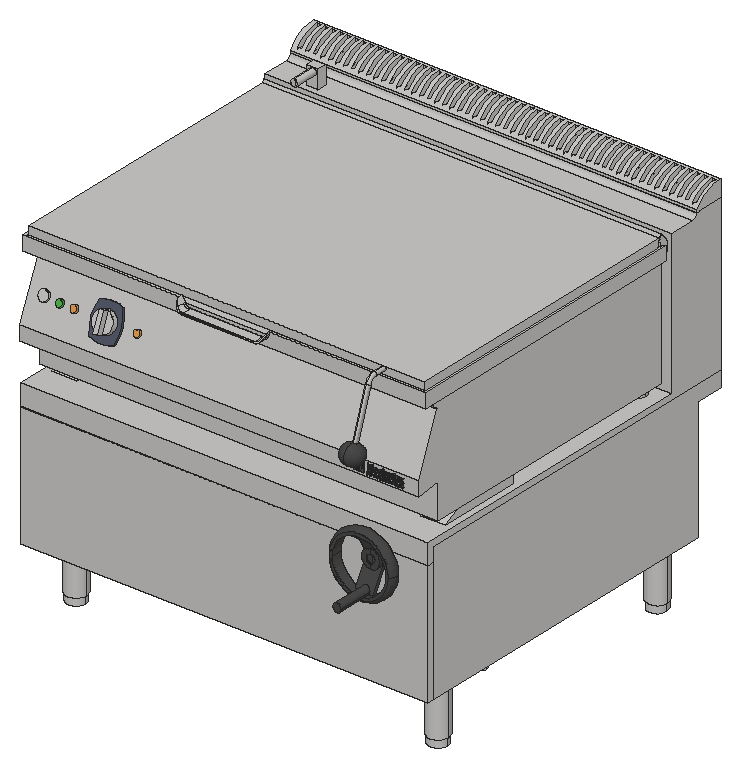
Revit family "QF_ELECTROLUXPROFESSIONAL_391594_E9PPCTBAMGI", category Attrezzature speciali, Revit 2018
Family settings
  Quota connettore circolare = Usa diametro
  Tipo di parte = Normale
  Basato su piano di lavoro = No
  Sempre verticale = Sì
  Taglio con vuoti quando caricato = No
  Condiviso = No
  Punto di calcolo locali = No
Parameters (values of type "Standard")
  Weight = 180.00 kg
  Watts = 100 W
  Volts = 220 V
  URL Manufacturer = "https://www.electroluxprofessional.com/"
  URL = "https://www.electroluxprofessional.com/"
  Steam Supply Size = 0"
  Steam Supply Minimum Pressure = 0.00 psi
  Steam Supply Maximum Pressure = 0.00 psi
  Steam Consumption per Hour = 0
  Show Logo [instance] = yes
  Show Clearance [instance] = yes
  Refrigeration Suction Line Size = 0 mm
  Refrigeration Liquid Line Size = 0 mm
  Refrigerant Compressor Remote = yes
  Phase = 1
  Modello = "E9PPCTBAMGI"
  Produttore = "Electrolux Professional"
  Length Actual = 1000 mm  # constant formula
  Item Number = "391594"
  Hot Water Size = 0"
  Height Actual = 850 mm  # constant formula
  HP = "0.1 HP"
  Gas Size = 1/2"
  Gas KW = 27
  Gas Input Pressure = 0.903445 Btu/h
  Direct Waste Size = 0"
  Descrizione = "100LT GAS BRATT PAN DUOMAT BOTTOM-60HZ - QMARK"
  Depth Actual = 930 mm  # constant formula
  Cycle = 60 Hz
  Condensate Return Size = 0"
  Compressed Air Volume = 0 GPM
  Compressed Air Size = 0"
  Compressed Air Pressure = 0.00 psi
  Cold Water Size = 3/4"
  Assembly Code = ""
  Accessory = yes
Reference planes
  plane 1 "BACK": y = 0
  plane 2: z = 0
  plane 3 "LEFT": x = 0
  plane 4 "RIGHT": x = 1000
  plane 5 "FRONT": y = -915
  plane 6 "TOP": z = 908
  plane 7 "Center Y": x = 500
  plane 8 "Center X": y = -457.5
  plane 9 "Base": z = 149
  plane 10: z = 502.193
  plane 11: z = 1653
  plane 12: y = -125
  plane 13: y = -799
  plane 14: y = -1034
  plane 15: x = 55
  plane 16: y = -160.853
  plane 17: x = 945
  plane 18: y = -1014
  plane 19: y = -899.182
  plane 20: x = 986
  plane 21: z = 850
  plane 22 "Connection": z = 182
  plane 23: y = -706
  plane 24: x = 265
  plane 25: x = 105
  plane 26: x = 195
  plane 27 "FUME": z = 866.248
Forms (mm)
  Revolve 1, solid, material "QF_Finishes_Stainless Steel"
    sketch origin (0, -125, 0) x (1, 0, 0) y (0, 0, 1)
      loop
        line (55, 0) -> (55, 149) -> (29.6, 149) -> (29.6, 19.05) -> (32.1, 19.05) -> (32.1, 0) -> (55, 0)
      axis (55, 0) -> (55, 149)
    angle from 0 to 360
  Revolve 2, solid, material "QF_Finishes_Stainless Steel"
    sketch origin (0, -799, 0) x (1, 0, 0) y (0, 0, 1)
      loop
        line (55, 0) -> (55, 149) -> (29.6, 149) -> (29.6, 19.05) -> (32.1, 19.05) -> (32.1, 0) -> (55, 0)
      axis (55, 0) -> (55, 149)
    angle from 0 to 360
  Extrusion 3, solid, material "QF_Finishes_Stainless Steel"
    sketch origin (0, -214.682, 0) x (0, 1, 0) y (0, 0, 1)
      loop
        line (214.682, 487.193) -> (214.682, 866.248) -> (143.055, 866.248)
        arc (143.055, 866.248) -> (139.432, 857.502) -> (130.686, 853.88) r 12.368
        line (130.686, 853.88) -> (64.682, 853.88) -> (64.682, 502.193) -> (-684.5, 502.193) -> (-684.5, 452.193) -> (-669.5, 452.193) -> (-669.5, 487.193) -> (214.682, 487.193)
      loop
        line (-669.5, 149) -> (-669.5, 451.193) -> (-684.5, 451.193) -> (-684.5, 149) -> (-669.5, 149)
    from 0 to 1000
  Extrusion 4, solid, material "QF_Finishes_Stainless Steel"
    sketch origin (0, -214.682, 0) x (0, 1, 0) y (0, 0, 1)
      loop
        line (44.029, 528.406) -> (44.029, 817.127) -> (-678.5, 817.127) -> (-678.5, 809.681) -> (-643.264, 774.446) -> (-700.318, 641.094) -> (-700.318, 606.094) -> (-640.765, 613.406) -> (-640.765, 528.406) -> (44.029, 528.406)
    from 10 to 990
  Sweep 5, solid, material "QF_Finishes_Stainless Steel"
    path origin (0, -204.882, 145) x (-1, 0, 0) y (0, -1, 0)
      loop
        line (-389.998, 694.3) -> (-5, 694.3) -> (-5, -44.029) -> (-995, -44.029) -> (-995, 694.3) -> (-610.002, 694.3)
    profile origin (802.501, -899.182, 145) x (0, -1, 0) y (0, 0, 1)
      loop
        line (-5, 651.359) -> (0, 651.359) -> (0, 685.301) -> (-6, 685.301) -> (-6, 681.062) -> (-5, 681.062) -> (-5, 651.359)
  Extrusion 6, solid, material "QF_Finishes_Stainless Steel"
    sketch origin (0, -214.682, -5) x (0, 1, 0) y (0, 0, 1)
      loop
        line (33.715, 835.301) -> (42.572, 855) -> (-677.138, 855) -> (-677.138, 835.301) -> (33.715, 835.301)
      loop
        arc (64.305, 837.022) -> (57.071, 850.749) -> (45.92, 861.539) r 49.182
        line (45.92, 861.539) -> (39.069, 846.301) -> (45.904, 846.301) -> (45.904, 832.604) -> (64.305, 814.204) -> (64.305, 837.022)
    from 12.363 to 987.637
  Extrusion 7, solid, material "QF_Finishes_Stainless Steel"
    sketch origin (0, -214.682, 0) x (0, 1, 0) y (0, 0, 1)
      loop
        line (-403.818, 528.406) -> (-556.057, 528.406) -> (-609.801, 502.193) -> (-403.818, 502.193) -> (-403.818, 528.406)
    from 16.63 to 76.513
  Extrusion 8, solid, material "QF_Finishes_Stainless Steel"
    sketch origin (0, -207.182, 150) x (-1, 0, 0) y (0, -1, 0)
      loop
        circle (-953.429, -17.496) r 15
      loop
        circle (-46.571, -17.496) r 15
    from 352.193 to 378.406
  Extrusion 9, solid, material "QF_Finishes_Stainless Steel"
    sketch origin (0, -64.682, 0) x (0, 1, 0) y (0, 0, 1)
      loop
        line (-43.387, 853.88) -> (-43.387, 898) -> (-67.444, 898) -> (-67.444, 853.88) -> (-43.387, 853.88)
    from 87.469 to 116.843
  Revolve 10, solid, material "QF_Finishes_Stainless Steel"
    sketch origin (103.25, -64.682, -10) x (0, 1, 0) y (0, 0, 1)
      loop
        line (-67.444, 898.097) -> (-67.444, 906.222) -> (-123.629, 906.222) -> (-123.629, 898.097) -> (-67.444, 898.097)
      axis (-123.629, 898.097) -> (-67.444, 898.097)
    angle from 0 to 360
  Extrusion 11, solid, material "QF_Clearances", visible <- "Show Clearance", detail levels coarse
    sketch origin (0, -214.682, 0) x (1, 0, 0) y (0, 1, 0)
      loop
        line (1000, 214.682) -> (1000, -700.318) -> (1050, -700.318) -> (1050, 264.682) -> (-50, 264.682) -> (-50, -700.318) -> (0, -700.318) -> (0, 214.682) -> (1000, 214.682)
    from 0 to 908
  Extrusion 12, solid, material "QF_Finishes_Stainless Steel"
    sketch origin (1000, 0, 0) x (0, 1, 0) y (0, 0, 1)
      loop
        line (-884.182, 149) -> (-69, 149) -> (-69, 448) -> (0, 448) -> (0, 487.193) -> (-884.182, 487.193) -> (-884.182, 149)
    from 0 to -1000
  Revolve 13, solid, material "QF_Finishes_Stainless Steel"
    sketch origin (1000, -125, 0) x (-1, 0, 0) y (0, 0, -1)
      loop
        line (55, 0) -> (32.1, 0) -> (32.1, -19.05) -> (29.6, -19.05) -> (29.6, -149) -> (55, -149) -> (55, 0)
      axis (55, 0) -> (55, -149)
    angle from 0 to 360
  Revolve 14, solid, material "QF_Finishes_Stainless Steel"
    sketch origin (1000, -799, 0) x (-1, 0, 0) y (0, 0, -1)
      loop
        line (55, 0) -> (32.1, 0) -> (32.1, -19.05) -> (29.6, -19.05) -> (29.6, -149) -> (55, -149) -> (55, 0)
      axis (55, 0) -> (55, -149)
    angle from 0 to 360
  Extrusion 15, solid, material "QF_Finishes_Stainless Steel"
    sketch origin (1000, -69, 149) x (-1, 0, 0) y (0, 1, 0)
      loop
        circle (14, -649.182) r 12.7
    from 0 to 5
  Extrusion 16, solid, material "QF_Finishes_Stainless Steel"
    sketch origin (-3.75, -899.182, 149) x (0, 0, 1) y (-1, 0, 0)
      loop
        circle (289.443, -888.75) r 30
    from 0 to 5
  Extrusion 17, solid, material "QF_Finishes_Stainless Steel"
    sketch origin (0, 0, 182) x (-1, 0, 0) y (0, -1, 0)
      loop
        circle (-105, 706) r 6.35
    from 0 to 45
  Extrusion 18, solid, material "QF_Finishes_Stainless Steel"
    sketch origin (21.213, 21.213, 182) x (-1, 0, 0) y (0, -1, 0)
      loop
        circle (-173.787, 719.213) r 6.35
    from 0 to 45
  Extrusion 19, solid, material "QF_Finishes_Stainless Steel"
    sketch origin (130, 0, 182) x (-1, 0, 0) y (0, -1, 0)
      loop
        circle (-135, 706) r 6.35
    from 0 to 45
  Sweep 20, solid, material "QF_Finishes_Black"
    path origin (10, -200.682, -28.57) x (1, 0, 0) y (0, 0, 1)
      loop
        circle (875, 467.193) r 80
    profile origin (885, -200.682, 518.623) x (0, 0, -1) y (0, -1, 0)
      loop
        arc (7.394, 765.784) -> (0.586, 756.102) -> (1.641, 744.313) r 17.21
        line (1.641, 744.313) -> (7.394, 740.784) -> (14.116, 740.784) -> (14.116, 765.784) -> (7.394, 765.784)
  Extrusion 21, solid, material "QF_Finishes_Black"
    sketch origin (10, -200.682, -28.57) x (1, 0, 0) y (0, 0, 1)
      loop
        circle (875, 406.31) r 10
    from 742.86 to 833.318
  Extrusion 22, solid, material "QF_Finishes_Orange"
    sketch origin (9.372, -901.482, 672.689) x (0, 0.393353, 0.919387) y (-1, 0, 0)
      loop
        circle (34.513, -113.251) r 8
    from 0 to 3.175
  Extrusion 23, solid, material "QF_Finishes_Green"
    sketch origin (14.068, -901.51, 672.624) x (0, 0.393353, 0.919387) y (-1, 0, 0)
      loop
        circle (34.513, -73.251) r 8
    from 0 to 3.175
  Extrusion 24, solid, material "QF_Finishes_Stainless Steel"
    sketch origin (-159.296, -918.156, 641.79) x (0, 0.393353, 0.919387) y (-1, 0, 0)
      loop
        circle (68.826, -362.213) r 25.4
    from 0 to 12.7
  Extrusion 25, solid, material "QF_Finishes_Stainless Steel"
    sketch origin (-159.296, -929.832, 646.786) x (0, 0.393353, 0.919387) y (-1, 0, 0)
      loop
        arc (93.558, -367.999) -> (94.226, -362.213) -> (93.558, -356.427) r 25.4
        line (93.558, -356.427) -> (44.094, -356.427)
        arc (44.094, -356.427) -> (43.426, -362.213) -> (44.094, -367.999) r 25.4
        line (44.094, -367.999) -> (93.558, -367.999)
    from 0 to 12.7
  Extrusion 26, solid, material "QF_Finishes_Stainless Steel"
    sketch origin (-189.063, -915, 641.094) x (0, 0.393353, 0.919387) y (-1, 0, 0)
      loop
        circle (71.473, -236.635) r 12.7
    from 0 to 3.2
  Extrusion 27, solid, material "QF_Finishes_Orange"
    sketch origin (164.372, -901.482, 672.689) x (0, 0.393353, 0.919387) y (-1, 0, 0)
      loop
        circle (34.513, -113.251) r 8
    from 0 to 3.175
  Extrusion 28, solid, material "QF_Finishes_Stainless Steel"
    sketch origin (50, -201.682, -15.905) x (1, 0, 0) y (0, 0, 1)
      loop
        line (361.528, 822.127) -> (538.476, 822.127)
        arc (538.476, 822.127) -> (548.276, 824.753) -> (555.45, 831.927) r 19.6
        line (555.45, 831.927) -> (559.998, 839.805) -> (559.998, 846.205) -> (552.678, 833.527)
        arc (552.678, 833.527) -> (546.676, 827.524) -> (538.476, 825.327) r 16.4
        line (538.476, 825.327) -> (361.528, 825.327)
        arc (361.528, 825.327) -> (353.322, 827.526) -> (347.314, 833.534) r 16.413
        line (347.314, 833.534) -> (339.998, 846.205) -> (339.998, 839.805) -> (344.543, 831.934)
        arc (344.543, 831.934) -> (351.722, 824.755) -> (361.528, 822.127) r 19.613
    from 697.5 to 717.595
  Extrusion 29, void
    sketch origin (950, 188.397, 1219.2) x (0, -1, 0) y (0, 0, 1)
      loop
        line (1110.167, -415.736) -> (1110.167, -387.945) -> (1093.05, -387.945) -> (1110.167, -415.736)
    from 290.004 to 610
  Extrusion 30, solid, material "QF_Finishes_Stainless Steel"
    sketch origin (1000, -214.682, 0) x (0, 1, 0) y (0, 0, -1)
      loop
        line (-403.818, -528.406) -> (-403.818, -502.193) -> (-609.801, -502.193) -> (-556.057, -528.406) -> (-403.818, -528.406)
    from 16.63 to 76.513
  Sweep 31, solid, material "QF_Finishes_Stainless Steel"
    path origin (208.879, -214.682, -10) x (0, 1, 0) y (0, 0, 1)
      loop
        line (-677.138, 852.831) -> (-705.492, 852.831)
        arc (-705.492, 852.831) -> (-716.963, 849.214) -> (-724.286, 839.672) r 20
        line (-724.286, 839.672) -> (-765.322, 726.924)
    profile origin (208.879, -905.997, 842.831) x (0, 0, -1) y (1, 0, 0)
      loop
        circle (0, 676.16) r 5
  Revolve 32, solid, material "QF_Finishes_Black"
    sketch origin (883.789, -200.682, -28.57) x (0, 1, 0) y (0, 0, 1)
      loop
        line (-698.5, 467.193) -> (-698.5, 477.193) -> (-713.5, 477.193) -> (-713.5, 482.193) -> (-718.5, 482.193) -> (-718.5, 489.514) -> (-728.5, 489.514) -> (-728.5, 478.353) -> (-727.138, 478.353) -> (-727.138, 467.193) -> (-698.5, 467.193)
      axis (-698.5, 467.193) -> (-728.5, 467.193)
    angle from 0 to 360
  Extrusion 33, solid, material "QF_Finishes_Black"
    sketch origin (208.789, -200.682, -28.57) x (0, 1, 0) y (0, 0, 1)
      loop
        line (-713.5, 457.193) -> (-713.5, 477.193) -> (-744.313, 533.065) -> (-751.622, 533.065) -> (-719.104, 474.103) -> (-719.104, 460.284) -> (-751.622, 401.321) -> (-744.313, 401.321) -> (-713.5, 457.193)
    from 654.029 to 698.392
  Revolve 34, solid, material "QF_Finishes_Black"
    sketch origin (884.991, -194.682, 0) x (0, 1, 0) y (0, 0, 1)
      loop
        line (-785.322, 716.924) -> (-792.738, 719.623)
        arc (-792.738, 719.623) -> (-818.978, 701.075) -> (-800.713, 674.638) r 22.845
        line (-800.713, 674.638) -> (-785.322, 716.924)
      axis (-785.322, 716.924) -> (-800.713, 674.638)
    angle from 0 to 360
  Extrusion 35, solid, material "QF_Clearances", visible <- "Show Clearance", detail levels coarse
    sketch origin (200, -996.643, 709.193) x (0, 0.238373, -0.971174) y (0, 0.971174, 0.238373)
      loop
        line (33.715, 835.301) -> (42.572, 855) -> (-677.138, 855) -> (-677.138, 835.301) -> (33.715, 835.301)
      loop
        arc (64.305, 837.022) -> (57.071, 850.749) -> (45.92, 861.539) r 49.182
        line (45.92, 861.539) -> (39.069, 846.301) -> (45.904, 846.301) -> (45.904, 832.604) -> (64.305, 814.204) -> (64.305, 837.022)
    from -187.637 to 787.637
  Sweep 36, solid, material "QF_Clearances", visible <- "Show Clearance", detail levels coarse
    path origin (208.84, -1001.499, 708.002) x (0, 0.238373, -0.971174) y (0, 0.971174, 0.238373)
      loop
        line (-677.138, 852.831) -> (-705.492, 852.831)
        arc (-705.492, 852.831) -> (-716.963, 849.214) -> (-724.286, 839.672) r 20
        line (-724.286, 839.672) -> (-765.322, 726.924)
    profile origin (208.84, -338.043, 1582.68) x (0, -0.971174, -0.238373) y (1, 0, 0)
      loop
        circle (0, 676.16) r 5
  Revolve 37, solid, material "QF_Clearances", visible <- "Show Clearance", detail levels coarse
    sketch origin (885, -987.02, 690.962) x (0, 0.238373, -0.971174) y (0, 0.971174, 0.238373)
      loop
        line (-785.322, 716.924) -> (-792.738, 719.623)
        arc (-792.738, 719.623) -> (-818.978, 701.075) -> (-800.713, 674.638) r 22.845
        line (-800.713, 674.638) -> (-785.322, 716.924)
      axis (-785.322, 716.924) -> (-800.713, 674.638)
    angle from 0 to 360
  Extrusion 38, solid, material "QF_Finishes_Navy Blue"
    sketch origin (-55.546, -1052.067, 320.727) x (0, 0.393353, 0.919387) y (-1, 0, 0)
      loop
        arc (453.989, -230.321) -> (416.907, -221.34) -> (379.375, -228.202) r 91.844
        arc (379.375, -228.202) -> (372.249, -258.844) -> (379.375, -289.487) r 69.441
        arc (379.375, -289.487) -> (416.897, -296.198) -> (453.989, -287.419) r 93.759
        arc (453.989, -287.419) -> (460.218, -258.87) -> (453.989, -230.321) r 68.543
    from 0 to 3.175
  Extrusion 39, solid, material "QF_Finishes_Navy Blue", visible <- "Show Logo"
    sketch origin (681.175, -915, 608.853) x (0, 0, 1) y (-1, 0, 0)
      loop
        line (26.951, -165.54) -> (5.387, -165.54)
        arc (5.387, -165.54) -> (16.169, -173.512) -> (26.951, -165.54) r 11.278
      loop
        arc (26.951, -164.444) -> (24.913, -155.475) -> (16.794, -151.154) r 11.052
        line (16.794, -151.154) -> (16.794, -154.722)
        arc (16.794, -154.722) -> (19.381, -161.095) -> (25.39, -164.444) r 10.359
        line (25.39, -164.444) -> (26.951, -164.444)
      loop
        arc (6.948, -164.444) -> (12.957, -161.095) -> (15.544, -154.722) r 10.359
        line (15.544, -154.722) -> (15.544, -151.154)
        arc (15.544, -151.154) -> (7.358, -155.468) -> (5.11, -164.444) r 11.341
        line (5.11, -164.444) -> (6.948, -164.444)
      loop
        line (28.128, -150.336) -> (4.161, -150.336) -> (4.161, -174.336) -> (28.128, -174.336) -> (28.128, -150.336)
      loop
        spline (16.361, -188.464) -> (16.369, -188.263) -> (16.397, -188.049) -> (16.447, -187.828) -> (16.523, -187.605) -> (16.628, -187.386) -> (16.766, -187.177) -> (16.939, -186.985) -> (17.152, -186.814) -> (17.407, -186.671) -> (17.709, -186.562) -> (18.059, -186.492) -> (18.462, -186.467)
        line (18.462, -186.467) -> (20.251, -186.467) -> (20.251, -192.37) -> (22.531, -192.37) -> (22.531, -186.466) -> (25.85, -186.466) -> (25.85, -192.746) -> (28.124, -192.746) -> (28.124, -184.05) -> (18.566, -184.05)
        spline (18.566, -184.05) -> (17.978, -184.071) -> (17.424, -184.137) -> (16.905, -184.248) -> (16.424, -184.406) -> (15.983, -184.612) -> (15.583, -184.866) -> (15.226, -185.171) -> (14.914, -185.528) -> (14.649, -185.937) -> (14.434, -186.401) -> (14.269, -186.919) -> (14.157, -187.495)
        line (14.157, -187.495) -> (14.089, -188.444) -> (14.089, -192.915) -> (16.361, -192.915) -> (16.361, -188.464)
      loop
        line (21.492, -194.632) -> (14.086, -194.632) -> (14.086, -197.049) -> (28.128, -197.049) -> (28.128, -194.632) -> (21.492, -194.632)
      loop
        spline (18.571, -208.979) -> (19.331, -208.995) -> (20.067, -208.922) -> (20.77, -208.763) -> (21.436, -208.522) -> (22.055, -208.2) -> (22.623, -207.802) -> (23.132, -207.331) -> (23.576, -206.789) -> (23.947, -206.18) -> (24.24, -205.507) -> (24.447, -204.772) -> (24.561, -203.98)
        spline (24.561, -203.98) -> (24.517, -203.228) -> (24.388, -202.513) -> (24.178, -201.84) -> (23.889, -201.216) -> (23.524, -200.646) -> (23.088, -200.134) -> (22.582, -199.687) -> (22.011, -199.309) -> (21.378, -199.005) -> (20.686, -198.782) -> (19.937, -198.644) -> (19.137, -198.597)
        spline (19.137, -198.597) -> (18.356, -198.643) -> (17.626, -198.777) -> (16.949, -198.995) -> (16.331, -199.293) -> (15.772, -199.666) -> (15.278, -200.111) -> (14.851, -200.623) -> (14.494, -201.198) -> (14.211, -201.832) -> (14.005, -202.519) -> (13.878, -203.257) -> (13.836, -204.041)
        spline (13.836, -204.041) -> (13.845, -204.424) -> (13.874, -204.802) -> (13.924, -205.175) -> (13.997, -205.545) -> (14.096, -205.909) -> (14.223, -206.27) -> (14.378, -206.625) -> (14.564, -206.976) -> (14.783, -207.322) -> (15.037, -207.664) -> (15.328, -208) -> (15.657, -208.331)
        line (15.657, -208.331) -> (17.073, -206.874)
        spline (17.073, -206.874) -> (16.889, -206.682) -> (16.719, -206.489) -> (16.566, -206.293) -> (16.427, -206.093) -> (16.305, -205.887) -> (16.198, -205.673) -> (16.108, -205.449) -> (16.033, -205.213) -> (15.975, -204.965) -> (15.933, -204.701) -> (15.908, -204.421) -> (15.9, -204.122)
        spline (15.9, -204.122) -> (15.921, -203.685) -> (15.985, -203.275) -> (16.089, -202.893) -> (16.233, -202.542) -> (16.413, -202.224) -> (16.628, -201.939) -> (16.878, -201.691) -> (17.159, -201.479) -> (17.471, -201.308) -> (17.811, -201.177) -> (18.178, -201.089) -> (18.571, -201.046)
        line (18.571, -201.046) -> (18.571, -208.979)
      loop
        spline (20.271, -206.55) -> (20.57, -206.527) -> (20.857, -206.458) -> (21.131, -206.348) -> (21.387, -206.199) -> (21.624, -206.014) -> (21.839, -205.797) -> (22.028, -205.55) -> (22.189, -205.276) -> (22.32, -204.98) -> (22.416, -204.663) -> (22.476, -204.329) -> (22.497, -203.98)
        spline (22.497, -203.98) -> (22.476, -203.607) -> (22.417, -203.248) -> (22.322, -202.905) -> (22.194, -202.584) -> (22.034, -202.285) -> (21.847, -202.013) -> (21.633, -201.77) -> (21.396, -201.56) -> (21.139, -201.385) -> (20.864, -201.25) -> (20.574, -201.156) -> (20.271, -201.107)
        line (20.271, -201.107) -> (20.271, -206.55)
      loop
        spline (19.198, -212.675) -> (19.648, -212.703) -> (20.074, -212.784) -> (20.475, -212.915) -> (20.846, -213.093) -> (21.184, -213.314) -> (21.487, -213.576) -> (21.752, -213.875) -> (21.976, -214.207) -> (22.155, -214.571) -> (22.286, -214.961) -> (22.368, -215.376) -> (22.395, -215.812)
        spline (22.395, -215.812) -> (22.387, -216.079) -> (22.362, -216.336) -> (22.321, -216.581) -> (22.264, -216.816) -> (22.192, -217.042) -> (22.105, -217.259) -> (22.002, -217.467) -> (21.886, -217.668) -> (21.755, -217.861) -> (21.611, -218.047) -> (21.453, -218.228) -> (21.283, -218.402)
        line (21.283, -218.402) -> (22.841, -219.9)
        spline (22.841, -219.9) -> (23.139, -219.602) -> (23.407, -219.295) -> (23.645, -218.979) -> (23.855, -218.656) -> (24.037, -218.324) -> (24.192, -217.985) -> (24.32, -217.639) -> (24.424, -217.286) -> (24.503, -216.926) -> (24.558, -216.56) -> (24.591, -216.189) -> (24.601, -215.812)
        spline (24.601, -215.812) -> (24.555, -215.057) -> (24.418, -214.333) -> (24.195, -213.648) -> (23.893, -213.008) -> (23.516, -212.418) -> (23.068, -211.886) -> (22.556, -211.419) -> (21.984, -211.021) -> (21.357, -210.701) -> (20.681, -210.465) -> (19.959, -210.318) -> (19.198, -210.268)
        spline (19.198, -210.268) -> (18.437, -210.318) -> (17.716, -210.465) -> (17.039, -210.701) -> (16.412, -211.021) -> (15.84, -211.419) -> (15.328, -211.886) -> (14.881, -212.418) -> (14.503, -213.008) -> (14.201, -213.648) -> (13.979, -214.333) -> (13.842, -215.057) -> (13.795, -215.812)
        spline (13.795, -215.812) -> (13.806, -216.189) -> (13.838, -216.56) -> (13.894, -216.926) -> (13.973, -217.286) -> (14.076, -217.639) -> (14.205, -217.985) -> (14.36, -218.324) -> (14.542, -218.656) -> (14.751, -218.979) -> (14.99, -219.295) -> (15.257, -219.602) -> (15.556, -219.9)
        line (15.556, -219.9) -> (17.114, -218.402)
        spline (17.114, -218.402) -> (16.943, -218.228) -> (16.786, -218.047) -> (16.641, -217.861) -> (16.511, -217.668) -> (16.394, -217.467) -> (16.292, -217.259) -> (16.204, -217.042) -> (16.132, -216.816) -> (16.075, -216.581) -> (16.034, -216.336) -> (16.009, -216.079) -> (16.001, -215.812)
        spline (16.001, -215.812) -> (16.029, -215.376) -> (16.11, -214.961) -> (16.242, -214.571) -> (16.421, -214.207) -> (16.644, -213.875) -> (16.909, -213.576) -> (17.212, -213.314) -> (17.551, -213.093) -> (17.922, -212.915) -> (18.322, -212.784) -> (18.748, -212.703) -> (19.198, -212.675)
      loop
        spline (16.358, -226.063) -> (16.354, -225.85) -> (16.37, -225.622) -> (16.41, -225.384) -> (16.477, -225.143) -> (16.575, -224.905) -> (16.708, -224.675) -> (16.88, -224.461) -> (17.095, -224.267) -> (17.357, -224.1) -> (17.669, -223.965) -> (18.036, -223.87) -> (18.462, -223.819)
        line (18.462, -223.819) -> (22.044, -223.819) -> (22.044, -226.018) -> (24.24, -226.018) -> (24.24, -223.822) -> (28.128, -223.822) -> (28.128, -221.405) -> (18.325, -221.405)
        spline (18.325, -221.405) -> (17.756, -221.457) -> (17.221, -221.55) -> (16.722, -221.687) -> (16.26, -221.867) -> (15.838, -222.093) -> (15.456, -222.365) -> (15.118, -222.685) -> (14.824, -223.053) -> (14.577, -223.471) -> (14.378, -223.94) -> (14.229, -224.46) -> (14.132, -225.034)
        line (14.132, -225.034) -> (14.086, -226.054) -> (16.358, -226.063)
      loop
        spline (24.381, -234.197) -> (24.407, -233.778) -> (24.399, -233.376) -> (24.36, -232.99) -> (24.289, -232.622) -> (24.188, -232.273) -> (24.058, -231.943) -> (23.901, -231.635) -> (23.716, -231.349) -> (23.505, -231.087) -> (23.27, -230.849) -> (23.011, -230.636) -> (22.73, -230.45)
        line (22.73, -230.45) -> (24.24, -230.45) -> (24.24, -228.052) -> (14.086, -228.052) -> (14.086, -230.45) -> (19.425, -230.45)
        spline (19.425, -230.45) -> (19.83, -230.472) -> (20.207, -230.537) -> (20.555, -230.643) -> (20.873, -230.788) -> (21.159, -230.972) -> (21.412, -231.192) -> (21.63, -231.448) -> (21.811, -231.736) -> (21.955, -232.056) -> (22.059, -232.406) -> (22.123, -232.784) -> (22.145, -233.189)
        line (22.145, -233.189) -> (22.044, -234.197) -> (24.381, -234.197)
      loop
        spline (19.163, -245.648) -> (19.908, -245.597) -> (20.618, -245.45) -> (21.287, -245.212) -> (21.909, -244.892) -> (22.48, -244.494) -> (22.993, -244.026) -> (23.443, -243.494) -> (23.823, -242.904) -> (24.129, -242.265) -> (24.354, -241.581) -> (24.494, -240.86) -> (24.542, -240.108)
        spline (24.542, -240.108) -> (24.494, -239.351) -> (24.354, -238.627) -> (24.129, -237.941) -> (23.823, -237.301) -> (23.443, -236.712) -> (22.993, -236.181) -> (22.48, -235.714) -> (21.909, -235.318) -> (21.287, -234.999) -> (20.618, -234.763) -> (19.908, -234.617) -> (19.163, -234.567)
        spline (19.163, -234.567) -> (18.418, -234.617) -> (17.708, -234.763) -> (17.039, -234.999) -> (16.417, -235.318) -> (15.846, -235.714) -> (15.333, -236.181) -> (14.883, -236.712) -> (14.502, -237.301) -> (14.197, -237.941) -> (13.971, -238.627) -> (13.831, -239.351) -> (13.784, -240.108)
        spline (13.784, -240.108) -> (13.831, -240.86) -> (13.971, -241.581) -> (14.197, -242.265) -> (14.502, -242.904) -> (14.883, -243.494) -> (15.333, -244.026) -> (15.846, -244.494) -> (16.417, -244.892) -> (17.039, -245.212) -> (17.708, -245.45) -> (18.418, -245.597) -> (19.163, -245.648)
      loop
        spline (19.163, -243.25) -> (19.602, -243.222) -> (20.021, -243.14) -> (20.417, -243.008) -> (20.785, -242.829) -> (21.123, -242.606) -> (21.427, -242.344) -> (21.693, -242.044) -> (21.919, -241.71) -> (22.101, -241.347) -> (22.235, -240.956) -> (22.318, -240.542) -> (22.346, -240.108)
        spline (22.346, -240.108) -> (22.318, -239.669) -> (22.235, -239.252) -> (22.101, -238.86) -> (21.919, -238.496) -> (21.693, -238.163) -> (21.427, -237.864) -> (21.123, -237.602) -> (20.785, -237.381) -> (20.417, -237.204) -> (20.021, -237.073) -> (19.602, -236.993) -> (19.163, -236.965)
        spline (19.163, -236.965) -> (18.723, -236.993) -> (18.304, -237.073) -> (17.909, -237.204) -> (17.541, -237.381) -> (17.203, -237.602) -> (16.899, -237.864) -> (16.632, -238.163) -> (16.406, -238.496) -> (16.225, -238.86) -> (16.091, -239.252) -> (16.008, -239.669) -> (15.979, -240.108)
        spline (15.979, -240.108) -> (16.008, -240.542) -> (16.091, -240.956) -> (16.225, -241.347) -> (16.406, -241.71) -> (16.632, -242.044) -> (16.899, -242.344) -> (17.203, -242.606) -> (17.541, -242.829) -> (17.909, -243.008) -> (18.304, -243.14) -> (18.723, -243.222) -> (19.163, -243.25)
      loop
        line (21.735, -247.134) -> (14.086, -247.134) -> (14.086, -249.553) -> (28.128, -249.553) -> (28.128, -247.134) -> (21.735, -247.134)
      loop
        line (24.24, -258.272) -> (18.337, -258.272)
        spline (18.337, -258.272) -> (17.953, -258.252) -> (17.607, -258.196) -> (17.298, -258.104) -> (17.025, -257.979) -> (16.788, -257.824) -> (16.584, -257.639) -> (16.415, -257.429) -> (16.277, -257.194) -> (16.172, -256.937) -> (16.098, -256.66) -> (16.054, -256.365) -> (16.04, -256.055)
        spline (16.04, -256.055) -> (16.054, -255.745) -> (16.098, -255.45) -> (16.172, -255.173) -> (16.277, -254.916) -> (16.413, -254.682) -> (16.582, -254.471) -> (16.784, -254.287) -> (17.019, -254.132) -> (17.29, -254.007) -> (17.595, -253.915) -> (17.937, -253.859) -> (18.316, -253.839)
        line (18.316, -253.839) -> (24.24, -253.839) -> (24.24, -251.401) -> (18.115, -251.401)
        spline (18.115, -251.401) -> (17.421, -251.445) -> (16.79, -251.57) -> (16.22, -251.771) -> (15.713, -252.043) -> (15.267, -252.379) -> (14.881, -252.774) -> (14.556, -253.221) -> (14.292, -253.715) -> (14.086, -254.249) -> (13.94, -254.818) -> (13.853, -255.415) -> (13.824, -256.035)
        spline (13.824, -256.035) -> (13.853, -256.661) -> (13.942, -257.263) -> (14.09, -257.836) -> (14.298, -258.375) -> (14.567, -258.873) -> (14.896, -259.324) -> (15.287, -259.722) -> (15.74, -260.061) -> (16.254, -260.335) -> (16.832, -260.538) -> (17.472, -260.665) -> (18.176, -260.708)
        line (18.176, -260.708) -> (24.24, -260.708) -> (24.24, -258.272)
      loop
        line (17.333, -269.856) -> (19.465, -268.331) -> (22.037, -270.219) -> (24.239, -271.836) -> (24.239, -269.197) -> (21.197, -267) -> (24.239, -264.785) -> (24.239, -262.166) -> (22.185, -263.668) -> (19.445, -265.671) -> (16.52, -263.571) -> (14.086, -261.823) -> (14.086, -264.422) -> (17.672, -267) -> (14.086, -269.579) -> (14.086, -272.178) -> (17.333, -269.856)
      loop
        line (9.015, -185.409) -> (9.015, -183.539) -> (4.161, -183.539) -> (4.161, -184.537) -> (5.806, -184.537) -> (5.806, -185.409)
        arc (5.806, -185.409) -> (7.41, -187.014) -> (9.015, -185.409) r 1.605
      loop
        arc (6.731, -185.476) -> (7.41, -186.056) -> (8.089, -185.476) r 0.687
        line (8.089, -185.476) -> (8.089, -184.537) -> (6.731, -184.537) -> (6.731, -185.476)
      loop
        line (9.015, -193.025) -> (9.015, -191.122) -> (4.161, -191.122) -> (4.161, -192.12) -> (5.833, -192.12) -> (5.833, -192.986) -> (4.161, -193.838) -> (4.161, -194.971) -> (6.078, -193.806)
        arc (6.078, -193.806) -> (6.645, -194.415) -> (7.45, -194.627) r 1.499
        arc (7.45, -194.627) -> (8.559, -194.145) -> (9.015, -193.025) r 1.602
      loop
        line (8.097, -193.005) -> (8.097, -192.12) -> (6.743, -192.12) -> (6.743, -193.005)
        arc (6.743, -193.005) -> (7.42, -193.556) -> (8.097, -193.005) r 0.691
      loop
        circle (6.588, -201.168) r 2.521
      loop
        circle (6.588, -201.168) r 1.6
      loop
        line (9.015, -207.864) -> (4.161, -207.864) -> (4.161, -208.862) -> (6.156, -208.862) -> (6.156, -210.689) -> (7.073, -210.689) -> (7.073, -208.862) -> (8.098, -208.862) -> (8.098, -210.864) -> (9.015, -210.864) -> (9.015, -207.864)
      loop
        line (9.015, -214.982) -> (5.735, -214.982)
        arc (5.735, -214.982) -> (4.623, -215.429) -> (4.161, -216.535) r 1.554
        line (4.161, -216.535) -> (4.161, -218.103) -> (5.078, -218.103) -> (5.078, -216.944)
        arc (5.078, -216.944) -> (5.427, -216.196) -> (6.223, -215.98) r 0.979
        line (6.223, -215.98) -> (6.223, -217.921) -> (7.141, -217.921) -> (7.141, -215.98) -> (8.098, -215.98) -> (8.098, -218.056) -> (9.015, -218.056) -> (9.015, -214.982)
      loop
        line (7.742, -224.632) -> (8.234, -225.349)
        arc (8.234, -225.349) -> (8.882, -224.684) -> (9.095, -223.78) r 1.738
        arc (9.095, -223.78) -> (8.894, -222.994) -> (8.386, -222.36) r 1.926
        arc (8.386, -222.36) -> (7.749, -222.275) -> (7.12, -222.404) r 1.936
        arc (7.12, -222.404) -> (6.653, -222.836) -> (6.356, -223.4) r 1.881
        arc (6.356, -223.4) -> (6.185, -223.835) -> (5.972, -224.252) r 4.917
        arc (5.972, -224.252) -> (5.357, -224.498) -> (4.996, -223.943) r 0.523
        arc (4.996, -223.943) -> (5.232, -223.24) -> (5.739, -222.7) r 1.738
        line (5.739, -222.7) -> (5.26, -221.938)
        arc (5.26, -221.938) -> (4.761, -222.24) -> (4.38, -222.681) r 1.867
        arc (4.38, -222.681) -> (4.141, -223.241) -> (4.08, -223.846) r 2.013
        arc (4.08, -223.846) -> (4.229, -224.594) -> (4.587, -225.268) r 2.629
        arc (4.587, -225.268) -> (5.379, -225.566) -> (6.211, -225.413) r 1.579
        arc (6.211, -225.413) -> (6.594, -225.08) -> (6.872, -224.656) r 1.83
        arc (6.872, -224.656) -> (7.111, -224.119) -> (7.318, -223.568) r 9.64
        arc (7.318, -223.568) -> (7.812, -223.25) -> (8.179, -223.71) r 0.439
        arc (8.179, -223.71) -> (8.066, -224.221) -> (7.742, -224.632) r 1.168
      loop
        line (9.015, -237.028) -> (4.161, -237.028) -> (4.161, -238.027) -> (9.015, -238.027) -> (9.015, -237.028)
      loop
        circle (6.588, -244.756) r 1.51
      loop
        circle (6.588, -244.756) r 2.521
      loop
        line (4.161, -251.452) -> (4.161, -252.461) -> (7.213, -252.461) -> (4.161, -254.682) -> (4.161, -255.652) -> (9.015, -255.652) -> (9.015, -254.644) -> (5.87, -254.644) -> (9.015, -252.423) -> (9.015, -251.452) -> (4.161, -251.452)
      loop
        line (4.161, -260.684) -> (5.208, -261.157) -> (5.208, -262.953) -> (4.161, -263.425) -> (4.161, -264.498) -> (9.015, -262.025) -> (4.161, -259.613) -> (4.161, -260.684)
      loop
        line (7.2, -262.055) -> (6.204, -261.605) -> (6.204, -262.505) -> (7.2, -262.055)
      loop
        line (5.078, -269.456) -> (9.015, -269.456) -> (9.015, -268.457) -> (4.161, -268.457) -> (4.161, -271.322) -> (5.078, -271.322) -> (5.078, -269.456)
      loop
        line (7.742, -231.965) -> (8.234, -232.682)
        arc (8.234, -232.682) -> (8.882, -232.017) -> (9.095, -231.114) r 1.738
        arc (9.095, -231.114) -> (8.894, -230.327) -> (8.386, -229.693) r 1.926
        arc (8.386, -229.693) -> (7.749, -229.609) -> (7.12, -229.737) r 1.936
        arc (7.12, -229.737) -> (6.653, -230.169) -> (6.356, -230.733) r 1.881
        arc (6.356, -230.733) -> (6.185, -231.168) -> (5.972, -231.586) r 4.917
        arc (5.972, -231.586) -> (5.357, -231.831) -> (4.996, -231.276) r 0.523
        arc (4.996, -231.276) -> (5.232, -230.573) -> (5.739, -230.033) r 1.738
        line (5.739, -230.033) -> (5.26, -229.271)
        arc (5.26, -229.271) -> (4.761, -229.573) -> (4.38, -230.015) r 1.867
        arc (4.38, -230.015) -> (4.141, -230.574) -> (4.08, -231.179) r 2.013
        arc (4.08, -231.179) -> (4.229, -231.928) -> (4.587, -232.602) r 2.629
        arc (4.587, -232.602) -> (5.379, -232.899) -> (6.211, -232.746) r 1.579
        arc (6.211, -232.746) -> (6.594, -232.414) -> (6.872, -231.989) r 1.83
        arc (6.872, -231.989) -> (7.111, -231.452) -> (7.318, -230.901) r 9.64
        arc (7.318, -230.901) -> (7.812, -230.583) -> (8.179, -231.043) r 0.439
        arc (8.179, -231.043) -> (8.066, -231.554) -> (7.742, -231.965) r 1.168
    from 0 to 1.644
  Extrusion 40, solid, material "QF_Finishes_Stainless Steel"
    sketch origin (390.002, -899.182, 830.301) x (-1, 0, 0) y (0, 0, -1)
      loop
        line (0.004, 33.941) -> (-220, 33.941) -> (-220, -0.006) -> (-212.677, 12.678)
        arc (-212.677, 12.678) -> (-206.674, 18.681) -> (-198.474, 20.878) r 16.4
        line (-198.474, 20.878) -> (-21.526, 20.878)
        arc (-21.526, 20.878) -> (-13.32, 18.679) -> (-7.312, 12.672) r 16.413
        line (-7.312, 12.672) -> (0.004, 0) -> (0.004, 33.941)
    from 0 to -6
  Extrusion 41, void
    sketch origin (26.231, 0, 866.248) x (-1, 0, 0) y (0, -1, 0)
      loop
        line (-295.005, 6.761) -> (-285.709, 6.761) -> (-285.709, 63.911) -> (-295.005, 63.911) -> (-295.005, 6.761)
      loop
        line (-313.697, 6.761) -> (-304.401, 6.761) -> (-304.401, 63.911) -> (-313.697, 63.911) -> (-313.697, 6.761)
      loop
        line (-332.39, 6.761) -> (-323.094, 6.761) -> (-323.094, 63.911) -> (-332.39, 63.911) -> (-332.39, 6.761)
      loop
        line (-351.082, 6.761) -> (-341.787, 6.761) -> (-341.787, 63.911) -> (-351.082, 63.911) -> (-351.082, 6.761)
      loop
        line (-369.775, 6.761) -> (-360.479, 6.761) -> (-360.479, 63.911) -> (-369.775, 63.911) -> (-369.775, 6.761)
      loop
        line (-388.468, 6.761) -> (-379.172, 6.761) -> (-379.172, 63.911) -> (-388.468, 63.911) -> (-388.468, 6.761)
      loop
        line (-407.16, 6.761) -> (-397.864, 6.761) -> (-397.864, 63.911) -> (-407.16, 63.911) -> (-407.16, 6.761)
      loop
        line (-425.853, 6.761) -> (-416.557, 6.761) -> (-416.557, 63.911) -> (-425.853, 63.911) -> (-425.853, 6.761)
      loop
        line (-444.545, 6.761) -> (-435.25, 6.761) -> (-435.25, 63.911) -> (-444.545, 63.911) -> (-444.545, 6.761)
      loop
        line (-463.238, 6.761) -> (-453.942, 6.761) -> (-453.942, 63.911) -> (-463.238, 63.911) -> (-463.238, 6.761)
      loop
        line (-481.931, 6.761) -> (-472.635, 6.761) -> (-472.635, 63.911) -> (-481.931, 63.911) -> (-481.931, 6.761)
      loop
        line (-500.623, 6.761) -> (-491.328, 6.761) -> (-491.328, 63.911) -> (-500.623, 63.911) -> (-500.623, 6.761)
      loop
        line (-519.316, 6.761) -> (-510.02, 6.761) -> (-510.02, 63.911) -> (-519.316, 63.911) -> (-519.316, 6.761)
      loop
        line (-538.008, 6.761) -> (-528.713, 6.761) -> (-528.713, 63.911) -> (-538.008, 63.911) -> (-538.008, 6.761)
      loop
        line (-556.701, 6.761) -> (-547.405, 6.761) -> (-547.405, 63.911) -> (-556.701, 63.911) -> (-556.701, 6.761)
      loop
        line (-575.394, 6.761) -> (-566.098, 6.761) -> (-566.098, 63.911) -> (-575.394, 63.911) -> (-575.394, 6.761)
      loop
        line (-594.086, 6.761) -> (-584.791, 6.761) -> (-584.791, 63.911) -> (-594.086, 63.911) -> (-594.086, 6.761)
      loop
        line (-612.779, 6.761) -> (-603.483, 6.761) -> (-603.483, 63.911) -> (-612.779, 63.911) -> (-612.779, 6.761)
      loop
        line (-631.472, 6.761) -> (-622.176, 6.761) -> (-622.176, 63.911) -> (-631.472, 63.911) -> (-631.472, 6.761)
      loop
        line (-650.164, 6.761) -> (-640.868, 6.761) -> (-640.868, 63.911) -> (-650.164, 63.911) -> (-650.164, 6.761)
      loop
        line (-126.771, 6.761) -> (-117.475, 6.761) -> (-117.475, 63.911) -> (-126.771, 63.911) -> (-126.771, 6.761)
      loop
        line (-145.464, 6.761) -> (-136.168, 6.761) -> (-136.168, 63.911) -> (-145.464, 63.911) -> (-145.464, 6.761)
      loop
        line (-164.156, 6.761) -> (-154.861, 6.761) -> (-154.861, 63.911) -> (-164.156, 63.911) -> (-164.156, 6.761)
      loop
        line (-182.849, 6.761) -> (-173.553, 6.761) -> (-173.553, 63.911) -> (-182.849, 63.911) -> (-182.849, 6.761)
      loop
        line (-201.542, 6.761) -> (-192.246, 6.761) -> (-192.246, 63.911) -> (-201.542, 63.911) -> (-201.542, 6.761)
      loop
        line (-220.234, 6.761) -> (-210.938, 6.761) -> (-210.938, 63.911) -> (-220.234, 63.911) -> (-220.234, 6.761)
      loop
        line (-238.927, 6.761) -> (-229.631, 6.761) -> (-229.631, 63.911) -> (-238.927, 63.911) -> (-238.927, 6.761)
      loop
        line (-257.619, 6.761) -> (-248.324, 6.761) -> (-248.324, 63.911) -> (-257.619, 63.911) -> (-257.619, 6.761)
      loop
        line (-276.312, 6.761) -> (-267.016, 6.761) -> (-267.016, 63.911) -> (-276.312, 63.911) -> (-276.312, 6.761)
      loop
        line (-108.078, 6.761) -> (-98.783, 6.761) -> (-98.783, 63.911) -> (-108.078, 63.911) -> (-108.078, 6.761)
      loop
        line (4.077, 6.761) -> (13.373, 6.761) -> (13.373, 63.911) -> (4.077, 63.911) -> (4.077, 6.761)
      loop
        line (-14.615, 6.761) -> (-5.32, 6.761) -> (-5.32, 63.911) -> (-14.615, 63.911) -> (-14.615, 6.761)
      loop
        line (-33.308, 6.761) -> (-24.012, 6.761) -> (-24.012, 63.911) -> (-33.308, 63.911) -> (-33.308, 6.761)
      loop
        line (-52.001, 6.761) -> (-42.705, 6.761) -> (-42.705, 63.911) -> (-52.001, 63.911) -> (-52.001, 6.761)
      loop
        line (-70.693, 6.761) -> (-61.398, 6.761) -> (-61.398, 63.911) -> (-70.693, 63.911) -> (-70.693, 6.761)
      loop
        line (-89.386, 6.761) -> (-80.09, 6.761) -> (-80.09, 63.911) -> (-89.386, 63.911) -> (-89.386, 6.761)
      loop
        line (-668.857, 6.761) -> (-659.561, 6.761) -> (-659.561, 63.911) -> (-668.857, 63.911) -> (-668.857, 6.761)
      loop
        line (-687.549, 6.761) -> (-678.254, 6.761) -> (-678.254, 63.911) -> (-687.549, 63.911) -> (-687.549, 6.761)
      loop
        line (-706.242, 6.761) -> (-696.946, 6.761) -> (-696.946, 63.911) -> (-706.242, 63.911) -> (-706.242, 6.761)
      loop
        line (-724.935, 6.761) -> (-715.639, 6.761) -> (-715.639, 63.911) -> (-724.935, 63.911) -> (-724.935, 6.761)
      loop
        line (-743.627, 6.761) -> (-734.331, 6.761) -> (-734.331, 63.911) -> (-743.627, 63.911) -> (-743.627, 6.761)
      loop
        line (-751.616, 6.761) -> (-751.616, 63.911) -> (-760.912, 63.911) -> (-760.912, 6.761) -> (-751.616, 6.761)
      loop
        line (-779.604, 6.761) -> (-770.309, 6.761) -> (-770.309, 63.911) -> (-779.604, 63.911) -> (-779.604, 6.761)
      loop
        line (-798.297, 6.761) -> (-789.001, 6.761) -> (-789.001, 63.911) -> (-798.297, 63.911) -> (-798.297, 6.761)
      loop
        line (-816.99, 6.761) -> (-807.694, 6.761) -> (-807.694, 63.911) -> (-816.99, 63.911) -> (-816.99, 6.761)
      loop
        line (-835.682, 6.761) -> (-826.387, 6.761) -> (-826.387, 63.911) -> (-835.682, 63.911) -> (-835.682, 6.761)
      loop
        line (-854.375, 6.761) -> (-845.079, 6.761) -> (-845.079, 63.911) -> (-854.375, 63.911) -> (-854.375, 6.761)
      loop
        line (-873.068, 6.761) -> (-863.772, 6.761) -> (-863.772, 63.911) -> (-873.068, 63.911) -> (-873.068, 6.761)
      loop
        line (-891.76, 6.761) -> (-882.464, 6.761) -> (-882.464, 63.911) -> (-891.76, 63.911) -> (-891.76, 6.761)
      loop
        line (-910.453, 6.761) -> (-901.157, 6.761) -> (-901.157, 63.911) -> (-910.453, 63.911) -> (-910.453, 6.761)
      loop
        line (-929.145, 6.761) -> (-919.85, 6.761) -> (-919.85, 63.911) -> (-929.145, 63.911) -> (-929.145, 6.761)
      loop
        line (-947.838, 6.761) -> (-938.542, 6.761) -> (-938.542, 63.911) -> (-947.838, 63.911) -> (-947.838, 6.761)
      loop
        line (-966.531, 6.761) -> (-957.235, 6.761) -> (-957.235, 63.911) -> (-966.531, 63.911) -> (-966.531, 6.761)
    from 9.525 to 45.348
  Extrusion 42, solid, material "QF_Finishes_Stainless Steel"
    sketch origin (-108.759, 0, 591.61) x (0, 1, 0) y (0, 0, 1)
      loop
        line (0, 274.638) -> (0, 316.35)
        arc (0, 316.35) -> (-40.437, 307.046) -> (-71.628, 279.681) r 84.854
        line (-71.628, 279.681) -> (-71.628, 274.638) -> (0, 274.638)
    from 108.759 to 1108.759
Cuts and joins
  Extrusion 29 cuts Extrusion 28
  joined: Sweep 5, Extrusion 28, Extrusion 40
  Extrusion 41 cuts Extrusion 42
Lines and regions (mm)
  symbolic lines
    curve 1: line (10, -915, 149) -> (197.131, -915, 149)
    curve 2: line (0, -899.182, 149) -> (380.622, -899.182, 149)
    curve 3: line (5, -160.853, 149) -> (5, -899.182, 149)
    curve 4: line (0, 0, 149) -> (0, -899.182, 149)
    curve 5: line (1000, -899.182, 149) -> (1000, 0, 149)
    curve 6: line (5, -160.853, 149) -> (95.125, -160.853, 149)
    curve 7: line (989, -171.653, 149) -> (111.375, -171.653, 149)
    curve 8: line (0, -71.628, 149) -> (1000, -71.628, 149)
    curve 9: line (111.375, -160.853, 149) -> (995, -160.853, 149)
    curve 10: line (95.125, -172.111, 149) -> (12.363, -172.111, 149)
    curve 11: line (90.942, -172.111, 149) -> (90.942, -192.672, 149)
    curve 12: line (117.192, -171.653, 149) -> (117.192, -192.672, 149)
    curve 13: arc (90.942, -192.672, 149) -> (104.067, -205.797, 149) -> (117.192, -192.672, 149) r 13.125
    curve 14: line (604.543, -915, 149) -> (880, -915, 149)
    curve 15: line (12.363, -891.82, 149) -> (987.637, -891.82, 149)
    curve 16: line (0, 0, 149) -> (1000, 0, 149)
    curve 20: line (880, -980.005, 149) -> (880, -891.82, 149)
    curve 21: line (890, -980.005, 149) -> (890, -891.82, 149)
    curve 22: spline (885, -987.42, 149) -> (886.603, -987.265, 149) -> (888.14, -986.808, 149) -> (889.545, -986.066, 149) -> (890.761, -985.072, 149) -> (891.737, -983.866, 149) -> (892.431, -982.499, 149) -> (892.815, -981.028, 149) -> (892.874, -979.515, 149) -> (892.604, -978.022, 149) -> (892.016, -976.611, 149) -> (891.136, -975.342, 149) -> (890, -974.268, 149)
    curve 23: spline (890, -980.005, 149) -> (889.957, -980.618, 149) -> (889.83, -981.221, 149) -> (889.619, -981.803, 149) -> (889.33, -982.354, 149) -> (888.967, -982.865, 149) -> (888.536, -983.327, 149) -> (888.044, -983.732, 149) -> (887.5, -984.074, 149) -> (886.913, -984.345, 149) -> (886.294, -984.543, 149) -> (885.653, -984.663, 149) -> (885, -984.703, 149)
    curve 24: spline (885, -984.703, 149) -> (884.347, -984.663, 149) -> (883.706, -984.543, 149) -> (883.087, -984.345, 149) -> (882.5, -984.074, 149) -> (881.956, -983.732, 149) -> (881.464, -983.327, 149) -> (881.033, -982.865, 149) -> (880.67, -982.354, 149) -> (880.381, -981.803, 149) -> (880.17, -981.221, 149) -> (880.043, -980.618, 149) -> (880, -980.005, 149)
    curve 25: spline (880, -974.268, 149) -> (878.864, -975.342, 149) -> (877.984, -976.611, 149) -> (877.396, -978.022, 149) -> (877.126, -979.515, 149) -> (877.185, -981.028, 149) -> (877.569, -982.499, 149) -> (878.263, -983.866, 149) -> (879.239, -985.072, 149) -> (880.455, -986.066, 149) -> (881.86, -986.808, 149) -> (883.397, -987.265, 149) -> (885, -987.42, 149)
    curve 26: line (95.125, -188.311, 149) -> (111.375, -188.311, 149)
    curve 27: line (95.125, -132.127, 149) -> (95.125, -188.311, 149)
    curve 28: line (111.375, -188.311, 149) -> (111.375, -132.127, 149)
    curve 29: line (87.469, -132.127, 149) -> (116.843, -132.127, 149)
    curve 30: line (87.469, -108.069, 149) -> (87.469, -132.127, 149)
    curve 31: line (116.843, -108.069, 149) -> (87.469, -108.069, 149)
    curve 32: line (116.843, -132.127, 149) -> (116.843, -108.069, 149)
    curve 33: line (0, -150, 182) -> (95.125, -150, 182)
    curve 34: line (1000, -150, 182) -> (111.375, -150, 182)
    curve 35: line (12.363, -891.82, 149) -> (12.363, -172.111, 149)
    curve 36: line (987.637, -891.82, 149) -> (987.637, -171.653, 149)
    curve 37: line (990, -915, 182) -> (990, -899.182, 182)
    curve 38: line (10, -899.182, 182) -> (10, -915, 182)
    curve 39: line (995, -160.853, 149) -> (995, -899.182, 149)
    curve 40: line (197.131, -924.708, 149) -> (197.131, -899.182, 149)
    curve 41: line (208.703, -924.708, 149) -> (208.703, -899.182, 149)
    curve 42: line (197.131, -924.708, 149) -> (208.703, -924.708, 149)
    curve 43: line (197.131, -915.021, 149) -> (180.061, -915.021, 149)
    curve 44: line (197.131, -915.021, 149) -> (25.774, -915.021, 149)
    curve 45: spline (208.703, -912.487, 182) -> (212.151, -912.066, 182) -> (215.413, -911.457, 182) -> (218.422, -910.673, 182) -> (221.118, -909.728, 182) -> (223.446, -908.643, 182) -> (225.359, -907.438, 182) -> (226.819, -906.14, 182) -> (227.796, -904.772, 182) -> (228.27, -903.365, 182) -> (228.233, -901.945, 182) -> (227.683, -900.541, 182) -> (226.634, -899.182, 182)
    curve 46: spline (225.812, -907.085, 182) -> (226.505, -906.99, 182) -> (227.196, -906.892, 182) -> (227.884, -906.792, 182) -> (228.569, -906.688, 182) -> (229.251, -906.581, 182) -> (229.93, -906.472, 182) -> (230.606, -906.36, 182) -> (231.28, -906.245, 182) -> (231.95, -906.127, 182) -> (232.617, -906.007, 182) -> (233.28, -905.884, 182) -> (233.941, -905.758, 182)
    curve 47: spline (233.941, -905.758, 182) -> (234.472, -905.225, 182) -> (234.983, -904.689, 182) -> (235.472, -904.15, 182) -> (235.94, -903.608, 182) -> (236.386, -903.063, 182) -> (236.811, -902.515, 182) -> (237.215, -901.965, 182) -> (237.596, -901.413, 182) -> (237.956, -900.858, 182) -> (238.294, -900.302, 182) -> (238.609, -899.743, 182) -> (238.903, -899.182, 182)
    curve 48: spline (197.131, -912.487, 182) -> (193.683, -912.066, 182) -> (190.421, -911.457, 182) -> (187.412, -910.673, 182) -> (184.717, -909.728, 182) -> (182.389, -908.643, 182) -> (180.475, -907.438, 182) -> (179.015, -906.14, 182) -> (178.038, -904.772, 182) -> (177.564, -903.365, 182) -> (177.602, -901.945, 182) -> (178.151, -900.541, 182) -> (179.201, -899.182, 182)
    curve 49: spline (167.58, -899.182, 182) -> (167.88, -899.743, 182) -> (168.203, -900.303, 182) -> (168.549, -900.86, 182) -> (168.917, -901.415, 182) -> (169.307, -901.967, 182) -> (169.72, -902.517, 182) -> (170.154, -903.065, 182) -> (170.611, -903.61, 182) -> (171.09, -904.151, 182) -> (171.59, -904.69, 182) -> (172.112, -905.225, 182) -> (172.656, -905.758, 182)
    curve 50: spline (172.656, -905.758, 182) -> (173.244, -905.87, 182) -> (173.834, -905.98, 182) -> (174.427, -906.088, 182) -> (175.022, -906.194, 182) -> (175.62, -906.297, 182) -> (176.22, -906.398, 182) -> (176.823, -906.498, 182) -> (177.428, -906.594, 182) -> (178.036, -906.689, 182) -> (178.645, -906.781, 182) -> (179.257, -906.871, 182) -> (179.871, -906.959, 182)
    curve 51: line (208.703, -915, 149) -> (395.45, -915, 149)
    curve 52: line (619.371, -899.182, 149) -> (880, -899.182, 149)
    curve 53: line (890, -899.182, 149) -> (1000, -899.182, 149)
    curve 54: line (890, -915, 149) -> (990, -915, 149)
    curve 55: line (895, -1034, 182) -> (895, -1012.058, 182)
    curve 56: line (875, -1034, 182) -> (875, -1012.092, 182)
    curve 57: line (875, -1034, 182) -> (895, -1034, 182)
    curve 58: line (957.606, -966.466, 182) -> (901.189, -966.466, 182)
    curve 59: line (812.394, -941.466, 182) -> (880, -941.466, 182)
    curve 60: line (806.641, -944.996, 182) -> (880, -944.996, 182)
    curve 61: arc (963.359, -944.996, 182) -> (964.431, -956.789, 182) -> (957.606, -966.466, 182) r 17.151
    curve 62: line (957.606, -941.466, 182) -> (963.359, -944.996, 182)
    curve 63: line (908.392, -915, 182) -> (908.392, -941.466, 182)
    curve 64: line (864.029, -941.466, 182) -> (864.029, -915, 182)
    curve 65: arc (806.641, -944.996, 182) -> (805.569, -956.789, 182) -> (812.394, -966.466, 182) r 17.151
    curve 66: line (812.394, -941.466, 182) -> (806.641, -944.996, 182)
    curve 67: line (890, -944.996, 182) -> (963.359, -944.996, 182)
    curve 68: line (890, -941.466, 182) -> (957.606, -941.466, 182)
    curve 69: line (812.394, -966.466, 182) -> (868.726, -966.466, 182)
    curve 70: arc (880, -961.394, 182) -> (884.914, -1014.03, 182) -> (890, -961.41, 182) r 26.552
    curve 71: line (619.371, -899.182, 182) -> (605.448, -914.035, 182)
    curve 72: spline (605.442, -914.033, 182) -> (604.902, -914.595, 182) -> (604.301, -915.14, 182) -> (603.641, -915.666, 182) -> (602.924, -916.17, 182) -> (602.153, -916.653, 182) -> (601.331, -917.111, 182) -> (600.459, -917.544, 182) -> (599.542, -917.95, 182) -> (598.582, -918.327, 182) -> (597.581, -918.675, 182) -> (596.544, -918.992, 182) -> (595.475, -919.277, 182)
    curve 73: line (404.523, -919.277, 182) -> (595.475, -919.277, 182)
    curve 74: line (394.541, -914.031, 182) -> (380.622, -899.182, 182)
    curve 75: spline (404.523, -919.277, 182) -> (403.452, -918.992, 182) -> (402.414, -918.675, 182) -> (401.413, -918.327, 182) -> (400.452, -917.949, 182) -> (399.534, -917.543, 182) -> (398.662, -917.11, 182) -> (397.838, -916.651, 182) -> (397.067, -916.168, 182) -> (396.35, -915.663, 182) -> (395.689, -915.137, 182) -> (395.087, -914.592, 182) -> (394.547, -914.029, 182)
    curve 76: line (12.858, -63.911, 0) -> (22.153, -63.911, 0)
    curve 77: line (22.153, -63.911, 0) -> (22.153, -6.761, 0)
    curve 78: line (22.153, -6.761, 0) -> (12.858, -6.761, 0)
    curve 79: line (12.858, -6.761, 0) -> (12.858, -63.911, 0)
    curve 80: line (31.55, -63.911, 0) -> (40.846, -63.911, 0)
    curve 81: line (40.846, -63.911, 0) -> (40.846, -6.761, 0)
    curve 82: line (40.846, -6.761, 0) -> (31.55, -6.761, 0)
    curve 83: line (31.55, -6.761, 0) -> (31.55, -63.911, 0)
    curve 84: line (50.243, -63.911, 0) -> (59.539, -63.911, 0)
    curve 85: line (59.539, -63.911, 0) -> (59.539, -6.761, 0)
    curve 86: line (59.539, -6.761, 0) -> (50.243, -6.761, 0)
    curve 87: line (50.243, -6.761, 0) -> (50.243, -63.911, 0)
    curve 88: line (68.935, -63.911, 0) -> (78.231, -63.911, 0)
    curve 89: line (78.231, -63.911, 0) -> (78.231, -6.761, 0)
    curve 90: line (78.231, -6.761, 0) -> (68.935, -6.761, 0)
    curve 91: line (68.935, -6.761, 0) -> (68.935, -63.911, 0)
    curve 92: line (87.628, -63.911, 0) -> (96.924, -63.911, 0)
    curve 93: line (96.924, -63.911, 0) -> (96.924, -6.761, 0)
    curve 94: line (96.924, -6.761, 0) -> (87.628, -6.761, 0)
    curve 95: line (87.628, -6.761, 0) -> (87.628, -63.911, 0)
    curve 96: line (106.321, -63.911, 0) -> (115.616, -63.911, 0)
    curve 97: line (115.616, -63.911, 0) -> (115.616, -6.761, 0)
    curve 98: line (115.616, -6.761, 0) -> (106.321, -6.761, 0)
    curve 99: line (106.321, -6.761, 0) -> (106.321, -63.911, 0)
    curve 100: line (125.013, -63.911, 0) -> (134.309, -63.911, 0)
    curve 101: line (134.309, -63.911, 0) -> (134.309, -6.761, 0)
    curve 102: line (134.309, -6.761, 0) -> (125.013, -6.761, 0)
    curve 103: line (125.013, -6.761, 0) -> (125.013, -63.911, 0)
    curve 104: line (143.706, -63.911, 0) -> (153.002, -63.911, 0)
    curve 105: line (153.002, -63.911, 0) -> (153.002, -6.761, 0)
    curve 106: line (153.002, -6.761, 0) -> (143.706, -6.761, 0)
    curve 107: line (143.706, -6.761, 0) -> (143.706, -63.911, 0)
    curve 108: line (162.398, -63.911, 0) -> (171.694, -63.911, 0)
    curve 109: line (171.694, -63.911, 0) -> (171.694, -6.761, 0)
    curve 110: line (171.694, -6.761, 0) -> (162.398, -6.761, 0)
    curve 111: line (162.398, -6.761, 0) -> (162.398, -63.911, 0)
    curve 112: line (181.091, -63.911, 0) -> (190.387, -63.911, 0)
    curve 113: line (190.387, -63.911, 0) -> (190.387, -6.761, 0)
    curve 114: line (190.387, -6.761, 0) -> (181.091, -6.761, 0)
    curve 115: line (181.091, -6.761, 0) -> (181.091, -63.911, 0)
    curve 116: line (199.784, -63.911, 0) -> (209.079, -63.911, 0)
    curve 117: line (209.079, -63.911, 0) -> (209.079, -6.761, 0)
    curve 118: line (209.079, -6.761, 0) -> (199.784, -6.761, 0)
    curve 119: line (199.784, -6.761, 0) -> (199.784, -63.911, 0)
    curve 120: line (218.476, -63.911, 0) -> (227.772, -63.911, 0)
    curve 121: line (227.772, -63.911, 0) -> (227.772, -6.761, 0)
    curve 122: line (227.772, -6.761, 0) -> (218.476, -6.761, 0)
    curve 123: line (218.476, -6.761, 0) -> (218.476, -63.911, 0)
    curve 124: line (237.169, -63.911, 0) -> (246.465, -63.911, 0)
    curve 125: line (246.465, -63.911, 0) -> (246.465, -6.761, 0)
    curve 126: line (246.465, -6.761, 0) -> (237.169, -6.761, 0)
    curve 127: line (237.169, -6.761, 0) -> (237.169, -63.911, 0)
    curve 128: line (255.862, -63.911, 0) -> (265.157, -63.911, 0)
    curve 129: line (265.157, -63.911, 0) -> (265.157, -6.761, 0)
    curve 130: line (265.157, -6.761, 0) -> (255.862, -6.761, 0)
    curve 131: line (255.862, -6.761, 0) -> (255.862, -63.911, 0)
    curve 132: line (274.554, -63.911, 0) -> (283.85, -63.911, 0)
    curve 133: line (283.85, -63.911, 0) -> (283.85, -6.761, 0)
    curve 134: line (283.85, -6.761, 0) -> (274.554, -6.761, 0)
    curve 135: line (274.554, -6.761, 0) -> (274.554, -63.911, 0)
    curve 136: line (293.247, -63.911, 0) -> (302.542, -63.911, 0)
    curve 137: line (302.542, -63.911, 0) -> (302.542, -6.761, 0)
    curve 138: line (302.542, -6.761, 0) -> (293.247, -6.761, 0)
    curve 139: line (293.247, -6.761, 0) -> (293.247, -63.911, 0)
    curve 140: line (311.939, -63.911, 0) -> (321.235, -63.911, 0)
    curve 141: line (321.235, -63.911, 0) -> (321.235, -6.761, 0)
    curve 142: line (321.235, -6.761, 0) -> (311.939, -6.761, 0)
    curve 143: line (311.939, -6.761, 0) -> (311.939, -63.911, 0)
    curve 144: line (330.632, -63.911, 0) -> (339.928, -63.911, 0)
    curve 145: line (339.928, -63.911, 0) -> (339.928, -6.761, 0)
    curve 146: line (339.928, -6.761, 0) -> (330.632, -6.761, 0)
    curve 147: line (330.632, -6.761, 0) -> (330.632, -63.911, 0)
    curve 148: line (349.325, -63.911, 0) -> (358.62, -63.911, 0)
    curve 149: line (358.62, -63.911, 0) -> (358.62, -6.761, 0)
    curve 150: line (358.62, -6.761, 0) -> (349.325, -6.761, 0)
    curve 151: line (349.325, -6.761, 0) -> (349.325, -63.911, 0)
    curve 152: line (368.017, -63.911, 0) -> (377.313, -63.911, 0)
    curve 153: line (377.313, -63.911, 0) -> (377.313, -6.761, 0)
    curve 154: line (377.313, -6.761, 0) -> (368.017, -6.761, 0)
    curve 155: line (368.017, -6.761, 0) -> (368.017, -63.911, 0)
    curve 156: line (386.71, -63.911, 0) -> (396.006, -63.911, 0)
    curve 157: line (396.006, -63.911, 0) -> (396.006, -6.761, 0)
    curve 158: line (396.006, -6.761, 0) -> (386.71, -6.761, 0)
    curve 159: line (386.71, -6.761, 0) -> (386.71, -63.911, 0)
    curve 160: line (405.402, -63.911, 0) -> (414.698, -63.911, 0)
    curve 161: line (414.698, -63.911, 0) -> (414.698, -6.761, 0)
    curve 162: line (414.698, -6.761, 0) -> (405.402, -6.761, 0)
    curve 163: line (405.402, -6.761, 0) -> (405.402, -63.911, 0)
    curve 164: line (424.095, -63.911, 0) -> (433.391, -63.911, 0)
    curve 165: line (433.391, -63.911, 0) -> (433.391, -6.761, 0)
    curve 166: line (433.391, -6.761, 0) -> (424.095, -6.761, 0)
    curve 167: line (424.095, -6.761, 0) -> (424.095, -63.911, 0)
    curve 168: line (442.788, -63.911, 0) -> (452.083, -63.911, 0)
    curve 169: line (452.083, -63.911, 0) -> (452.083, -6.761, 0)
    curve 170: line (452.083, -6.761, 0) -> (442.788, -6.761, 0)
    curve 171: line (442.788, -6.761, 0) -> (442.788, -63.911, 0)
    curve 172: line (461.48, -63.911, 0) -> (470.776, -63.911, 0)
    curve 173: line (470.776, -63.911, 0) -> (470.776, -6.761, 0)
    curve 174: line (470.776, -6.761, 0) -> (461.48, -6.761, 0)
    curve 175: line (461.48, -6.761, 0) -> (461.48, -63.911, 0)
    curve 176: line (480.173, -63.911, 0) -> (489.469, -63.911, 0)
    curve 177: line (489.469, -63.911, 0) -> (489.469, -6.761, 0)
